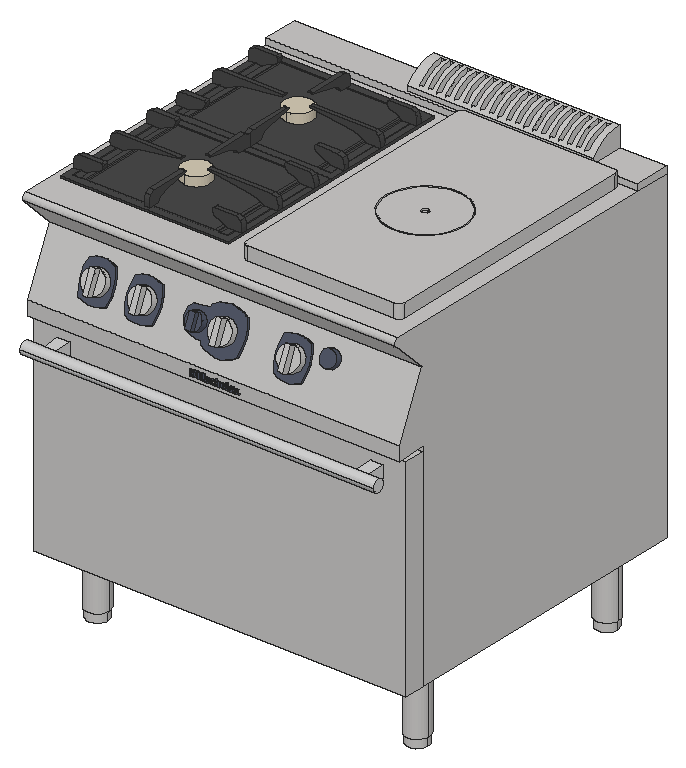
Revit family "QF_ELECTROLUXPROFESSIONAL_371009_E7STGH30G0", category Specialty Equipment, Revit 2018 (continued)
Automatic sketch dimensions
  Extrusion 28 sketch curve to Extrusion 28 sketch curve = 0.199 mm
  Extrusion 28 sketch curve to plane 7 "Center Y" = 0.042 mm
  Extrusion 28 sketch curve to Extrusion 28 sketch curve = 0.408 mm
  Extrusion 28 sketch curve to Extrusion 28 sketch curve = 0.743 mm
  Extrusion 28 sketch curve to Extrusion 28 sketch curve = 1.16 mm
  Extrusion 28 sketch curve to Extrusion 28 sketch curve = 0.329 mm
  Extrusion 28 sketch curve to Extrusion 28 sketch curve = 1.054 mm
  Extrusion 28 sketch curve to Extrusion 28 sketch curve = 1.056 mm
  Extrusion 28 sketch curve to Extrusion 28 sketch curve = 0.129 mm
  Extrusion 28 sketch curve to Extrusion 28 sketch curve = 0.489 mm
  Extrusion 28 sketch curve to plane 7 "Center Y" = 0.376 mm
  Extrusion 28 sketch curve to Extrusion 28 sketch curve = 0.441 mm
  Extrusion 28 sketch curve to Extrusion 28 sketch curve = 1.151 mm
  Extrusion 28 sketch curve to Extrusion 28 sketch curve = 1.141 mm  (x2)
  Extrusion 28 sketch curve to Extrusion 28 sketch curve = 0.768 mm
  Extrusion 28 sketch curve to Extrusion 28 sketch curve = 1.653 mm
  Extrusion 28 sketch curve to Extrusion 28 sketch curve = 0.499 mm
  Extrusion 28 sketch curve to Extrusion 28 sketch curve = 0.964 mm
  Extrusion 28 sketch curve to Extrusion 28 sketch curve = 0.949 mm
  Extrusion 28 sketch curve to Extrusion 28 sketch curve = 1.345 mm  (x3)
  Extrusion 28 sketch curve to Extrusion 28 sketch curve = 1.101 mm
  Extrusion 28 sketch curve to Extrusion 28 sketch curve = 0.432 mm
  Extrusion 28 sketch curve to Extrusion 28 sketch curve = 1.142 mm
  Extrusion 28 sketch curve to Extrusion 28 sketch curve = 0.959 mm
  Extrusion 28 sketch curve to Extrusion 28 sketch curve = 0.176 mm
  Extrusion 28 sketch curve to Extrusion 28 sketch curve = 0.728 mm
  Extrusion 28 sketch curve to Extrusion 28 sketch curve = 3.375 mm  (x2)
  Extrusion 28 sketch curve to Extrusion 28 sketch curve = 0.541 mm
  Extrusion 28 sketch curve to Extrusion 28 sketch curve = 0.955 mm
  Extrusion 28 sketch curve to Extrusion 28 sketch curve = 1.251 mm
  Extrusion 28 sketch curve to Extrusion 28 sketch curve = 0.572 mm
  plane 7 "Center Y" to Extrusion 28 sketch curve = 47.619 mm
  Extrusion 28 sketch curve to Extrusion 28 sketch curve = 1.92 mm
  Extrusion 28 sketch curve to Extrusion 28 sketch curve = 1.224 mm
  Extrusion 28 sketch curve to Extrusion 28 sketch curve = 0.745 mm
  Extrusion 28 sketch curve to Extrusion 28 sketch curve = 0.036 mm
  Extrusion 28 sketch curve to Extrusion 28 sketch curve = 0.896 mm  (x3)
  Extrusion 28 sketch curve to Extrusion 28 sketch curve = 2.607 mm
  Extrusion 28 sketch curve to Extrusion 28 sketch curve = 0.066 mm
  Extrusion 28 sketch curve to Extrusion 28 sketch curve = 0.248 mm
  Extrusion 28 sketch curve to Extrusion 28 sketch curve = 0.449 mm
  plane 7 "Center Y" to Extrusion 28 sketch curve = 46.838 mm
  Extrusion 28 sketch curve to Extrusion 28 sketch curve = 1.052 mm
  Extrusion 28 sketch curve to Extrusion 28 sketch curve = 1.863 mm
  Extrusion 28 sketch curve to Extrusion 28 sketch curve = 1.31 mm  (x2)
  Extrusion 28 sketch curve to Extrusion 28 sketch curve = 0.901 mm
  Extrusion 28 sketch curve to Extrusion 28 sketch curve = 1.107 mm
  Extrusion 28 sketch curve to Extrusion 28 sketch curve = 2.122 mm
  Extrusion 28 sketch curve to Extrusion 28 sketch curve = 2.101 mm
  Extrusion 28 sketch curve to Extrusion 28 sketch curve = 0.106 mm
  Extrusion 28 sketch curve to Extrusion 28 sketch curve = 0.029 mm
  plane 7 "Center Y" to Extrusion 28 sketch curve = 49.641 mm
  Extrusion 28 sketch curve to Extrusion 28 sketch curve = 2.09 mm
  Extrusion 28 sketch curve to Extrusion 28 sketch curve = 1.279 mm
  Extrusion 28 sketch curve to Extrusion 28 sketch curve = 2.008 mm
  Extrusion 28 sketch curve to Extrusion 28 sketch curve = 0.738 mm
  Extrusion 28 sketch curve to Extrusion 28 sketch curve = 0.382 mm
  Extrusion 28 sketch curve to Extrusion 28 sketch curve = 0.384 mm
  Extrusion 28 sketch curve to Extrusion 28 sketch curve = 0.002 mm
  Extrusion 28 sketch curve to Extrusion 28 sketch curve = 0.561 mm
  Extrusion 28 sketch curve to Extrusion 28 sketch curve = 0.592 mm
  Extrusion 28 sketch curve to Extrusion 28 sketch curve = 2.692 mm
  Extrusion 28 sketch curve to Extrusion 28 sketch curve = 1.259 mm
  plane 7 "Center Y" to Extrusion 28 sketch curve = 48.858 mm
  Extrusion 28 sketch curve to Extrusion 28 sketch curve = 0.802 mm
  Extrusion 28 sketch curve to Extrusion 28 sketch curve = 1.024 mm
  Extrusion 28 sketch curve to Extrusion 28 sketch curve = 0.682 mm
  Extrusion 28 sketch curve to Extrusion 28 sketch curve = 5.934 mm
  Extrusion 28 sketch curve to Extrusion 28 sketch curve = 2.186 mm
  Extrusion 28 sketch curve to Extrusion 28 sketch curve = 0.337 mm
  Extrusion 28 sketch curve to Extrusion 28 sketch curve = 0.021 mm
  Extrusion 28 sketch curve to Extrusion 28 sketch curve = 1.005 mm
  Extrusion 28 sketch curve to Extrusion 28 sketch curve = 0.552 mm
  Extrusion 28 sketch curve to Extrusion 28 sketch curve = 0.778 mm
  Extrusion 28 sketch curve to Extrusion 28 sketch curve = 0.063 mm
  Extrusion 28 sketch curve to Extrusion 28 sketch curve = 1.023 mm
  Extrusion 28 sketch curve to Extrusion 28 sketch curve = 3.804 mm
  Extrusion 28 sketch curve to Extrusion 28 sketch curve = 0.486 mm
  Extrusion 28 sketch curve to Extrusion 28 sketch curve = 0.266 mm
  Extrusion 28 sketch curve to plane 7 "Center Y" = 0.787 mm
  Extrusion 28 sketch curve to Extrusion 28 sketch curve = 1.547 mm
  Extrusion 28 sketch curve to Extrusion 28 sketch curve = 0.717 mm  (x2)
  Extrusion 28 sketch curve to Extrusion 28 sketch curve = 1.667 mm
  plane 7 "Center Y" to Extrusion 28 sketch curve = 44.532 mm
  Extrusion 28 sketch curve to Extrusion 28 sketch curve = 3.174 mm
  plane 7 "Center Y" to Extrusion 28 sketch curve = 0.368 mm
  Extrusion 28 sketch curve to Extrusion 28 sketch curve = 0.388 mm
  Extrusion 28 sketch curve to Extrusion 28 sketch curve = 1.342 mm
  plane 7 "Center Y" to Extrusion 28 sketch curve = 50.135 mm
  Extrusion 28 sketch curve to Extrusion 28 sketch curve = 1.521 mm
  plane 7 "Center Y" to Extrusion 28 sketch curve = 51.694 mm
  Extrusion 28 sketch curve to Extrusion 28 sketch curve = 0.124 mm
  Extrusion 28 sketch curve to Extrusion 28 sketch curve = 0.291 mm
  plane 7 "Center Y" to Extrusion 28 sketch curve = 7.285 mm
  Extrusion 28 sketch curve to Extrusion 28 sketch curve = 1.049 mm  (x2)
  plane 7 "Center Y" to Extrusion 28 sketch curve = 47.668 mm
  Extrusion 28 sketch curve to Extrusion 28 sketch curve = 1.7 mm
  Extrusion 28 sketch curve to Extrusion 28 sketch curve = 0.894 mm
  Extrusion 28 sketch curve to Extrusion 28 sketch curve = 0.989 mm
  Extrusion 28 sketch curve to Extrusion 28 sketch curve = 1.168 mm
  Extrusion 28 sketch curve to Extrusion 28 sketch curve = 1.594 mm
  Extrusion 28 sketch curve to Extrusion 28 sketch curve = 0.731 mm
  Extrusion 28 sketch curve to Extrusion 28 sketch curve = 1.566 mm
  Extrusion 28 sketch curve to Extrusion 28 sketch curve = 0.064 mm
  plane 7 "Center Y" to Extrusion 28 sketch curve = 7.842 mm
  Extrusion 28 sketch curve to Extrusion 28 sketch curve = 0.556 mm
  Extrusion 28 sketch curve to Extrusion 28 sketch curve = 0.48 mm
  Extrusion 28 sketch curve to Extrusion 28 sketch curve = 0.228 mm
  Extrusion 28 sketch curve to Extrusion 28 sketch curve = 1.018 mm
  plane 7 "Center Y" to Extrusion 28 sketch curve = 37.429 mm
  Extrusion 28 sketch curve to Extrusion 28 sketch curve = 0.787 mm
  Extrusion 28 sketch curve to Extrusion 28 sketch curve = 0.618 mm
  plane 7 "Center Y" to Extrusion 28 sketch curve = 42.486 mm
  Extrusion 28 sketch curve to Extrusion 28 sketch curve = 1.672 mm
  plane 7 "Center Y" to Extrusion 28 sketch curve = 53.436 mm
  Extrusion 28 sketch curve to Extrusion 28 sketch curve = 1.361 mm
  Extrusion 28 sketch curve to Extrusion 28 sketch curve = 0.822 mm
  Extrusion 28 sketch curve to Extrusion 28 sketch curve = 0.069 mm
  Extrusion 28 sketch curve to Extrusion 28 sketch curve = 1.88 mm
  plane 7 "Center Y" to Extrusion 28 sketch curve = 35.269 mm
  Extrusion 28 sketch curve to Extrusion 28 sketch curve = 0.42 mm
  Extrusion 28 sketch curve to Extrusion 28 sketch curve = 0.062 mm
  Extrusion 28 sketch curve to Extrusion 28 sketch curve = 1.355 mm
  Extrusion 28 sketch curve to Extrusion 28 sketch curve = 2.34 mm
  Extrusion 28 sketch curve to Extrusion 28 sketch curve = 0.493 mm
  Extrusion 28 sketch curve to Extrusion 28 sketch curve = 0.136 mm
  Extrusion 28 sketch curve to Extrusion 28 sketch curve = 0.128 mm
  Extrusion 28 sketch curve to Extrusion 28 sketch curve = 3.616 mm
  Extrusion 28 sketch curve to Extrusion 28 sketch curve = 4.207 mm
  Extrusion 28 sketch curve to Extrusion 28 sketch curve = 0.183 mm
  Extrusion 28 sketch curve to Extrusion 28 sketch curve = 0.895 mm
  Extrusion 28 sketch curve to Extrusion 28 sketch curve = 1.314 mm
  Extrusion 28 sketch curve to Extrusion 28 sketch curve = 3.231 mm
  Extrusion 28 sketch curve to plane 7 "Center Y" = 23.526 mm
  Extrusion 28 sketch curve to Extrusion 28 sketch curve = 1.299 mm
  Extrusion 28 sketch curve to Extrusion 28 sketch curve = 1.214 mm
  plane 7 "Center Y" to Extrusion 28 sketch curve = 26.369 mm
  Extrusion 28 sketch curve to Extrusion 28 sketch curve = 1.264 mm
  Extrusion 28 sketch curve to Extrusion 28 sketch curve = 0.109 mm
  Extrusion 28 sketch curve to Extrusion 28 sketch curve = 0.357 mm
  Extrusion 28 sketch curve to Extrusion 28 sketch curve = 0.565 mm
  Extrusion 28 sketch curve to Extrusion 28 sketch curve = 2.504 mm
  Extrusion 28 sketch curve to Extrusion 28 sketch curve = 2.459 mm
  Extrusion 28 sketch curve to Extrusion 28 sketch curve = 0.983 mm
  Extrusion 28 sketch curve to Extrusion 28 sketch curve = 0.422 mm  (x2)
  Extrusion 28 sketch curve to Extrusion 28 sketch curve = 1.268 mm
  Extrusion 28 sketch curve to Extrusion 28 sketch curve = 0.671 mm
  Extrusion 28 sketch curve to Extrusion 28 sketch curve = 1.634 mm
  Extrusion 28 sketch curve to Extrusion 28 sketch curve = 0.132 mm
  Extrusion 28 sketch curve to Extrusion 28 sketch curve = 0.586 mm
  Extrusion 28 sketch curve to Extrusion 28 sketch curve = 1.241 mm
  Extrusion 28 sketch curve to Extrusion 28 sketch curve = 1.689 mm
  Extrusion 28 sketch curve to Extrusion 28 sketch curve = 0.627 mm
  Extrusion 28 sketch curve to Extrusion 28 sketch curve = 0.419 mm
  Extrusion 28 sketch curve to Extrusion 28 sketch curve = 1.514 mm
  Extrusion 28 sketch curve to Extrusion 28 sketch curve = 1.019 mm
  Extrusion 28 sketch curve to Extrusion 28 sketch curve = 0.065 mm
  Extrusion 28 sketch curve to Extrusion 28 sketch curve = 1.215 mm
  Extrusion 28 sketch curve to Extrusion 28 sketch curve = 1.122 mm
  Extrusion 28 sketch curve to Extrusion 28 sketch curve = 1.153 mm
  Extrusion 28 sketch curve to Extrusion 28 sketch curve = 1.223 mm
  Extrusion 28 sketch curve to Extrusion 28 sketch curve = 0.934 mm
  Extrusion 28 sketch curve to Extrusion 28 sketch curve = 3.376 mm
  Extrusion 28 sketch curve to Extrusion 28 sketch curve = 0.222 mm
  Extrusion 28 sketch curve to Extrusion 28 sketch curve = 1.383 mm
  Extrusion 28 sketch curve to Extrusion 28 sketch curve = 1.556 mm
  Extrusion 28 sketch curve to Extrusion 28 sketch curve = 2.559 mm
  Extrusion 28 sketch curve to Extrusion 28 sketch curve = 2.51 mm
  Extrusion 28 sketch curve to Extrusion 28 sketch curve = 0.131 mm
  Extrusion 28 sketch curve to Extrusion 28 sketch curve = 1.134 mm
  Extrusion 28 sketch curve to Extrusion 28 sketch curve = 0.094 mm
  Extrusion 28 sketch curve to Extrusion 28 sketch curve = 1.584 mm
  Extrusion 28 sketch curve to Extrusion 28 sketch curve = 0.27 mm
  Extrusion 28 sketch curve to Extrusion 28 sketch curve = 0.916 mm
  Extrusion 28 sketch curve to Extrusion 28 sketch curve = 0.352 mm
  Extrusion 28 sketch curve to Extrusion 28 sketch curve = 0.458 mm
  Extrusion 28 sketch curve to Extrusion 28 sketch curve = 1.282 mm
  Extrusion 28 sketch curve to Extrusion 28 sketch curve = 1.363 mm
  Extrusion 28 sketch curve to Extrusion 28 sketch curve = 0.685 mm
  Extrusion 28 sketch curve to Extrusion 28 sketch curve = 0.905 mm
  Extrusion 28 sketch curve to Extrusion 28 sketch curve = 1.477 mm
  Extrusion 28 sketch curve to Extrusion 28 sketch curve = 0.472 mm
  Extrusion 28 sketch curve to Extrusion 28 sketch curve = 0.101 mm
  Extrusion 28 sketch curve to Extrusion 28 sketch curve = 0.54 mm
  Extrusion 28 sketch curve to Extrusion 28 sketch curve = 0.02 mm
  Extrusion 28 sketch curve to Extrusion 28 sketch curve = 0.829 mm
  Extrusion 28 sketch curve to Extrusion 28 sketch curve = 0.582 mm
  Extrusion 28 sketch curve to Extrusion 28 sketch curve = 0.166 mm
  Extrusion 28 sketch curve to Extrusion 28 sketch curve = 0.16 mm
  Extrusion 28 sketch curve to Extrusion 28 sketch curve = 1.118 mm
  Extrusion 28 sketch curve to Extrusion 28 sketch curve = 0.613 mm
  Extrusion 28 sketch curve to Extrusion 28 sketch curve = 0.781 mm
  Extrusion 28 sketch curve to Extrusion 28 sketch curve = 0.361 mm
  Extrusion 28 sketch curve to Extrusion 28 sketch curve = 0.897 mm
  Extrusion 28 sketch curve to Extrusion 28 sketch curve = 0.167 mm
  Extrusion 28 sketch curve to Extrusion 28 sketch curve = 0.292 mm
  Extrusion 28 sketch curve to Extrusion 28 sketch curve = 0.305 mm
  Extrusion 28 sketch curve to Extrusion 28 sketch curve = 1.557 mm
  Extrusion 28 sketch curve to Extrusion 28 sketch curve = 2.499 mm
  Extrusion 28 sketch curve to Extrusion 28 sketch curve = 3.062 mm
  Extrusion 28 sketch curve to Extrusion 28 sketch curve = 2.968 mm
  Extrusion 28 sketch curve to Extrusion 28 sketch curve = 5.044 mm
  Extrusion 28 sketch curve to Extrusion 28 sketch curve = 0.629 mm  (x2)
  Extrusion 28 sketch curve to Extrusion 28 sketch curve = 1.131 mm
  Extrusion 28 sketch curve to Extrusion 28 sketch curve = 0.137 mm
  Extrusion 28 sketch curve to Extrusion 28 sketch curve = 0.027 mm
  Extrusion 28 sketch curve to Extrusion 28 sketch curve = 2.046 mm
  Extrusion 28 sketch curve to Extrusion 28 sketch curve = 2.235 mm
  radius of Extrusion 9 sketch curve = 12.7 mm
  radius of Extrusion 14 sketch curve = 25.4 mm  (x4)
  radius of Extrusion 15 sketch curve to Extrusion 14 = 0 mm  (x2)
  radius of Extrusion 16 sketch curve = 17.78 mm
  radius of Extrusion 19 sketch curve = 18.37 mm
  radius of Extrusion 21 sketch curve = 6.35 mm
  radius of Extrusion 26 sketch curve = 82.55 mm
  radius of Extrusion 26 sketch curve = 7 mm
Nested families
  nested 1: "371009_BURNER" at (8.5, -5, 0), type "371009_BURNER"
    with Type Mark "", Status "", Specification by User "", Revision Code "", Item Number "", Installed By "", Identify Quantity as Lot yes, Furnished By "", Foodservice Equipment Identifier yes
  nested 2: "371009_BURNER" at (8.5, -739.127, 0), type "371009_BURNER"
    with Type Mark "", Status "", Specification by User "", Revision Code "", Item Number "", Installed By "", Identify Quantity as Lot yes, Furnished By "", Foodservice Equipment Identifier yes
Connectors
  piping at (747.613, -464, 141.185), diameter 12.8
    settings: on Extrusion 21, index 1, connector inside diameter 0.50394", connector length 0 mm, flow factor 0, pipe flow 0 GPM, pressure drop 0.00 psi, fitting loss kfactor 0, connector angle 0.00°, fixture units 0, engagement length 0 mm, angle of deflection 0.00°, flow configuration 1, flow direction 1, fitting loss method 0, system type 7, joint type 0, gender type 0, connector reference index -1, connector utility 0, adjustable connector no, is connector primary yes, connector description "Gas Inlet"
Definition of nested family "371009_BURNER"
  Parameters
    Weight in Pounds = 0
    URL Cutsheet = ""
    URL = "www.electrolux.com"
    Type Mark [instance] = ""
    Status [instance] = ""
    Specification by User [instance] = ""
    Specification by Manufacturer = ""
    Serial Number = ""
    Seismic Rating = ""
    SMACNA No = ""
    Revision Code [instance] = ""
    Omniclass Number and Title = ""
    NAFEM Spec ID Number = ""
    Model = "371009"
    Masterspec = ""
    Manufacturer = "ELECTROLUX"
    Item Number [instance] = ""
    Installed By [instance] = ""
    Identify Quantity as Lot [instance] = yes
    Furnished By [instance] = ""
    Foodservice Equipment Identifier [instance] = yes
    Description = ""
    CSI MasterFormat = ""
    CSI Master Format = ""
  Reference planes
    plane 1 "BACK": y = 0
    plane 2: z = 0
    plane 3 "LEFT": x = 0
    plane 4 "RIGHT": x = 800
    plane 5 "FRONT": y = -700
    plane 6 "TOP": z = 908.85
    plane 7 "Center Y": x = 400
    plane 8 "Center X": y = -350
    plane 9 "Base": z = 150
    plane 10: z = 850.85
  Forms (mm)
    Extrusion 1, solid
      sketch origin (0, -734.127, 5) x (1, 0, 0) y (0, 0, -1)
        loop
          arc (7.142, -850.85) -> (6.739, -862.989) -> (9.761, -874.752) r 42.809
          line (9.761, -874.752) -> (19.961, -879.425) -> (157.339, -879.425)
          arc (157.339, -879.425) -> (158.533, -878.312) -> (157.506, -877.043) r 1.197
          line (157.506, -877.043) -> (64.848, -864.021)
          arc (64.848, -864.021) -> (50.111, -858.738) -> (36.589, -850.85) r 85.245
          line (36.589, -850.85) -> (7.142, -850.85)
        loop
          line (367.858, -850.85) -> (338.411, -850.85)
          arc (338.411, -850.85) -> (324.889, -858.738) -> (310.152, -864.021) r 85.245
          line (310.152, -864.021) -> (217.494, -877.043)
          arc (217.494, -877.043) -> (216.467, -878.312) -> (217.661, -879.425) r 1.197
          line (217.661, -879.425) -> (355.039, -879.425) -> (365.239, -874.752)
          arc (365.239, -874.752) -> (368.261, -862.989) -> (367.858, -850.85) r 42.809
      from 224.564 to 234.564
    Extrusion 2, solid
      sketch origin (0, -734.127, 5) x (1, 0, 0) y (0, 0, -1)
        loop
          arc (7.056, -850.85) -> (6.705, -862.948) -> (9.748, -874.663) r 42.876
          line (9.748, -874.663) -> (19.961, -879.425) -> (65.851, -879.425)
          arc (65.851, -879.425) -> (68.577, -878.352) -> (69.841, -875.709) r 4
          arc (69.841, -875.709) -> (68.75, -869.25) -> (64.816, -864.012) r 13.87
          arc (64.816, -864.012) -> (50.096, -858.731) -> (36.589, -850.85) r 85.245
          line (36.589, -850.85) -> (7.056, -850.85)
        loop
          line (367.944, -850.85) -> (338.411, -850.85)
          arc (338.411, -850.85) -> (324.904, -858.731) -> (310.184, -864.012) r 85.245
          arc (310.184, -864.012) -> (306.25, -869.25) -> (305.159, -875.709) r 13.87
          arc (305.159, -875.709) -> (306.423, -878.352) -> (309.149, -879.425) r 4
          line (309.149, -879.425) -> (355.039, -879.425) -> (365.252, -874.663)
          arc (365.252, -874.663) -> (368.295, -862.948) -> (367.944, -850.85) r 42.876
      from 127.064 to 137.064
    Extrusion 3, solid
      sketch origin (0, -275, 5) x (1, 0, 0) y (0, 0, 1)
        loop
          arc (64.816, 864.012) -> (68.75, 869.25) -> (69.841, 875.709) r 13.87
          arc (69.841, 875.709) -> (68.577, 878.352) -> (65.851, 879.425) r 4
          line (65.851, 879.425) -> (19.961, 879.425) -> (9.748, 874.663)
          arc (9.748, 874.663) -> (6.705, 862.948) -> (7.056, 850.85) r 42.876
          line (7.056, 850.85) -> (36.589, 850.85)
          arc (36.589, 850.85) -> (50.096, 858.731) -> (64.816, 864.012) r 85.245
        loop
          arc (310.184, 864.012) -> (324.904, 858.731) -> (338.411, 850.85) r 85.245
          line (338.411, 850.85) -> (367.944, 850.85)
          arc (367.944, 850.85) -> (368.295, 862.948) -> (365.252, 874.663) r 42.876
          line (365.252, 874.663) -> (355.039, 879.425) -> (309.149, 879.425)
          arc (309.149, 879.425) -> (306.423, 878.352) -> (305.159, 875.709) r 4
          arc (305.159, 875.709) -> (306.25, 869.25) -> (310.184, 864.012) r 13.87
      from 127.064 to 137.064
    Extrusion 4, solid
      sketch origin (454.964, -29.48, 5) x (0, -1, 0) y (0, 0, 1)
        loop
          arc (366.649, 850.85) -> (375.927, 861.743) -> (389.337, 866.736) r 28.426
          line (389.337, 866.736) -> (441.256, 877.043)
          arc (441.256, 877.043) -> (442.283, 878.312) -> (441.089, 879.425) r 1.197
          line (441.089, 879.425) -> (347.797, 879.425)
          arc (347.797, 879.425) -> (343.211, 875.934) -> (337.583, 874.694) r 13.39
          line (337.583, 874.694) -> (337.583, 850.85) -> (366.649, 850.85)
        loop
          arc (606.236, 850.85) -> (606.587, 862.948) -> (603.543, 874.663) r 42.876
          line (603.543, 874.663) -> (593.33, 879.425) -> (509.077, 879.425)
          arc (509.077, 879.425) -> (507.883, 878.312) -> (508.911, 877.043) r 1.197
          line (508.911, 877.043) -> (560.83, 866.736)
          arc (560.83, 866.736) -> (574.239, 861.743) -> (583.518, 850.85) r 28.426
          line (583.518, 850.85) -> (606.236, 850.85)
      from 262.464 to 272.464
    Extrusion 5, solid
      sketch origin (0, 0, 850.85) x (0, -1, 0) y (1, 0, 0)
        loop
          line (642.216, 6.433) -> (642.216, 368.567) -> (367.857, 368.567) -> (367.857, 6.433) -> (642.216, 6.433)
        loop
          line (382.857, 21.433) -> (627.216, 21.433) -> (627.216, 353.567) -> (382.857, 353.567) -> (382.857, 21.433)
      from 0 to 5
    Extrusion 6, solid
      sketch origin (-12.5, 0, 855.85) x (0, -1, 0) y (1, 0, 0)
        loop
          circle (504.356, 200) r 30
      from -1.321 to 17.134
    Extrusion 7, solid
      sketch origin (0, -734.127, 0) x (1, 0, 0) y (0, 0, -1)
        loop
          line (21.433, -855.85) -> (36.589, -855.85)
          arc (36.589, -855.85) -> (40.561, -855.243) -> (44.305, -853.783) r 18.259
          arc (44.305, -853.783) -> (45.997, -853.366) -> (47.69, -853.783) r 3.649
          arc (47.69, -853.783) -> (49.901, -854.522) -> (52.232, -854.529) r 7.328
          line (52.232, -854.529) -> (322.768, -854.529)
          arc (322.768, -854.529) -> (325.099, -854.522) -> (327.31, -853.783) r 7.328
          arc (327.31, -853.783) -> (329.003, -853.366) -> (330.695, -853.783) r 3.649
          arc (330.695, -853.783) -> (334.439, -855.243) -> (338.411, -855.85) r 18.259
          line (338.411, -855.85) -> (353.567, -855.85) -> (353.567, -850.85) -> (21.433, -850.85) -> (21.433, -855.85)
      from 106.911 to 351.27
  Lines and regions (mm)
    symbolic lines
      curve 1: line (6.433, -642.216, 150) -> (368.567, -642.216, 150)
      curve 2: line (6.433, -367.857, 150) -> (6.433, -642.216, 150)
      curve 3: line (368.567, -367.857, 150) -> (192.5, -367.857, 150)
      curve 4: line (368.567, -642.216, 150) -> (368.567, -367.857, 150)
      curve 5: line (353.567, -382.857, 150) -> (192.5, -382.857, 150)
      curve 6: line (353.567, -627.216, 150) -> (353.567, -607.064, 150)
      curve 7: line (21.433, -627.216, 150) -> (182.5, -627.216, 150)
      curve 8: line (21.433, -382.857, 150) -> (21.433, -402.064, 150)
      curve 9: line (52.232, -627.216, 150) -> (52.232, -607.064, 150)
      curve 10: line (322.567, -382.857, 150) -> (322.567, -402.064, 150)
      curve 11: line (148.125, -499.564, 150) -> (148.125, -382.857, 150)
      curve 12: line (154.375, -382.857, 150) -> (154.375, -499.564, 150)
      curve 13: arc (148.297, -509.564, 150) -> (159.191, -533.254, 150) -> (182.5, -544.942, 150) r 39.375
      curve 14: arc (220.42, -509.564, 150) -> (211.39, -528.832, 150) -> (192.5, -538.631, 150) r 33.125
      curve 15: line (220.625, -382.857, 150) -> (220.625, -499.564, 150)
      curve 16: line (226.875, -499.564, 150) -> (226.875, -382.857, 150)
      curve 17: line (192.5, -636.339, 150) -> (192.5, -535.619, 150)
      curve 18: arc (182.657, -474.75, 150) -> (166.195, -483.236, 150) -> (157.853, -499.771, 150) r 30
      curve 19: arc (192.224, -533.982, 150) -> (208.621, -525.661, 150) -> (217.084, -509.337, 150) r 30
      curve 20: line (368.567, -597.064, 150) -> (305.159, -597.064, 150)
      curve 21: line (6.433, -607.064, 150) -> (69.841, -607.064, 150)
      curve 22: line (6.433, -509.564, 150) -> (156.429, -509.564, 150)
      curve 23: line (368.567, -499.564, 150) -> (218.571, -499.564, 150)
      curve 24: line (6.433, -412.064, 150) -> (69.841, -412.064, 150)
      curve 25: line (368.567, -402.064, 150) -> (305.159, -402.064, 150)
      curve 26: line (69.841, -597.064, 150) -> (6.433, -597.064, 150)
      curve 27: line (305.159, -607.064, 150) -> (368.567, -607.064, 150)
      curve 28: line (69.841, -402.064, 150) -> (6.433, -402.064, 150)
      curve 29: line (305.159, -412.064, 150) -> (368.567, -412.064, 150)
      curve 30: arc (69.841, -597.064, 150) -> (74.841, -602.064, 150) -> (69.841, -607.064, 150) r 5
      curve 31: arc (305.159, -607.064, 150) -> (300.159, -602.064, 150) -> (305.159, -597.064, 150) r 5
      curve 32: arc (69.841, -402.064, 150) -> (74.841, -407.064, 150) -> (69.841, -412.064, 150) r 5
      curve 33: arc (305.159, -412.064, 150) -> (300.159, -407.064, 150) -> (305.159, -402.064, 150) r 5
      curve 34: line (21.433, -412.064, 150) -> (21.433, -499.564, 150)
      curve 35: line (52.232, -402.064, 150) -> (52.232, -382.857, 150)
      curve 36: line (21.433, -509.564, 150) -> (21.433, -597.064, 150)
      curve 37: line (52.232, -499.564, 150) -> (52.232, -412.064, 150)
      curve 38: line (52.232, -597.064, 150) -> (52.232, -509.564, 150)
      curve 39: line (21.433, -607.064, 150) -> (21.433, -627.216, 150)
      curve 40: line (322.567, -607.064, 150) -> (322.567, -627.216, 150)
      curve 41: line (353.567, -597.064, 150) -> (353.567, -509.564, 150)
      curve 42: line (322.567, -509.564, 150) -> (322.567, -597.064, 150)
      curve 43: line (353.567, -499.564, 150) -> (353.567, -412.064, 150)
      curve 44: line (353.567, -402.064, 150) -> (353.567, -382.857, 150)
      curve 45: line (322.567, -412.064, 150) -> (322.567, -499.564, 150)
      curve 46: line (156.429, -499.564, 150) -> (6.433, -499.564, 150)
      curve 47: line (218.571, -509.564, 150) -> (368.567, -509.564, 150)
      curve 48: arc (218.571, -499.564, 150) -> (213.571, -504.564, 150) -> (218.571, -509.564, 150) r 5
      curve 49: arc (156.429, -499.564, 150) -> (161.429, -504.564, 150) -> (156.429, -509.564, 150) r 5
      curve 50: arc (157.916, -509.337, 150) -> (166.379, -525.661, 150) -> (182.776, -533.982, 150) r 30
      curve 51: arc (217.147, -499.771, 150) -> (208.805, -483.236, 150) -> (192.343, -474.75, 150) r 30
      curve 52: line (182.5, -535.619, 150) -> (182.5, -636.339, 150)
      curve 53: line (192.5, -473.508, 150) -> (192.5, -367.064, 150)
      curve 54: arc (192.5, -535.619, 150) -> (187.5, -530.619, 150) -> (182.5, -535.619, 150) r 5
      curve 55: arc (192.5, -473.508, 150) -> (187.5, -478.508, 150) -> (182.5, -473.508, 150) r 5
      curve 56: line (182.5, -367.857, 150) -> (6.433, -367.857, 150)
      curve 57: line (182.5, -382.857, 150) -> (21.433, -382.857, 150)
      curve 58: arc (192.5, -404.571, 150) -> (196.398, -417.071, 150) -> (192.5, -429.571, 150) r 21.993
      curve 59: arc (196.181, -420.148, 150) -> (199.482, -417.071, 150) -> (196.181, -413.995, 150) r 3.084
      curve 60: arc (182.5, -404.571, 150) -> (178.602, -417.071, 150) -> (182.5, -429.571, 150) r 21.993
      curve 61: arc (178.819, -420.148, 150) -> (175.518, -417.071, 150) -> (178.819, -413.995, 150) r 3.084
      curve 62: line (182.5, -367.064, 150) -> (182.5, -473.508, 150)
      curve 63: arc (182.5, -538.631, 150) -> (163.61, -528.832, 150) -> (154.58, -509.564, 150) r 33.125
      curve 64: arc (192.5, -544.942, 150) -> (215.809, -533.254, 150) -> (226.703, -509.564, 150) r 39.375
      curve 65: line (182.5, -636.339, 150) -> (192.5, -636.339, 150)
      curve 66: line (182.5, -377.277, 150) -> (192.5, -377.277, 150)
      curve 67: line (182.5, -367.064, 150) -> (192.5, -367.064, 150)
      curve 68: line (192.5, -627.216, 150) -> (353.567, -627.216, 150)
  Dimensions and locks
    equal spacing: plane 3 "LEFT", plane 7 "Center Y", plane 4 "RIGHT"
    plane 3 "LEFT" to plane 4 "RIGHT" = 800 mm
    equal spacing: plane 5 "FRONT", plane 8 "Center X", plane 1 "BACK"
    plane 5 "FRONT" to plane 1 "BACK" = 700 mm
    plane 6 "TOP" to level = 908.85 mm
    plane 9 "Base" to level = 150 mm
    plane 6 "TOP" to plane 10 = 58 mm  (x2)
    aligned and locked: level to plane 2
  Automatic sketch dimensions
    Extrusion 5 sketch curve to Extrusion 5 sketch curve = 15 mm  (x2)
    Extrusion 5 sketch curve to Extrusion 5 sketch curve = 332.134 mm
    plane 3 "LEFT" to Extrusion 2 sketch curve = 7.056 mm
    plane 3 "LEFT" to Extrusion 2 sketch curve = 9.748 mm
    Extrusion 2 sketch curve to Extrusion 2 sketch curve = 10.213 mm  (x2)
    plane 10 to Extrusion 2 sketch curve = 5 mm  (x2)
    Extrusion 2 sketch curve to Extrusion 2 sketch curve = 29.533 mm
    Extrusion 2 sketch curve to Extrusion 2 sketch curve = 12.72 mm  (x2)
    Extrusion 2 sketch curve to Extrusion 2 sketch curve = 6.697 mm
    Extrusion 2 sketch curve to Extrusion 2 sketch curve = 8.81 mm
    Extrusion 2 sketch curve to Extrusion 2 sketch curve = 9.845 mm  (x2)
    Extrusion 2 sketch curve to Extrusion 2 sketch curve = 3.99 mm  (x2)
    Extrusion 2 sketch curve to Extrusion 2 sketch curve = 0 mm  (x2)
    Extrusion 2 sketch curve to Extrusion 2 sketch curve = 36.813 mm
    Extrusion 2 sketch curve to plane 7 "Center Y" = 111.122 mm
    Extrusion 2 sketch curve to plane 6 "TOP" = 28.141 mm
    Extrusion 2 sketch curve to plane 7 "Center Y" = 94.841 mm
    Extrusion 2 sketch curve to Extrusion 2 sketch curve = 1.035 mm
    Extrusion 2 sketch curve to Extrusion 2 sketch curve = 15.507 mm
    Extrusion 2 sketch curve to Extrusion 2 sketch curve = 16.628 mm
    Extrusion 2 sketch curve to Extrusion 2 sketch curve = 2.692 mm
    Extrusion 2 sketch curve to plane 6 "TOP" = 24.425 mm
    Extrusion 2 sketch curve to Extrusion 2 sketch curve = 28.575 mm
    Extrusion 2 sketch curve to Extrusion 2 sketch curve = 3.716 mm
    Extrusion 2 sketch curve to Extrusion 2 sketch curve = 4.763 mm  (x2)
    plane 3 "LEFT" to Extrusion 1 sketch curve = 7.142 mm
    plane 3 "LEFT" to Extrusion 1 sketch curve = 9.761 mm
    Extrusion 1 sketch curve to Extrusion 1 sketch curve = 10.201 mm  (x2)
    plane 10 to Extrusion 1 sketch curve = 5 mm  (x2)
    Extrusion 1 sketch curve to Extrusion 1 sketch curve = 29.447 mm
    Extrusion 1 sketch curve to Extrusion 1 sketch curve = 12.704 mm  (x2)
    Extrusion 1 sketch curve to Extrusion 1 sketch curve = 15.555 mm  (x2)
    Extrusion 1 sketch curve to Extrusion 1 sketch curve = 36.829 mm
    Extrusion 1 sketch curve to plane 6 "TOP" = 24.425 mm  (x2)
    Extrusion 1 sketch curve to Extrusion 1 sketch curve = 92.491 mm
    Extrusion 1 sketch curve to plane 6 "TOP" = 26.807 mm  (x2)
    Extrusion 1 sketch curve to Extrusion 1 sketch curve = 0.167 mm  (x2)
    Extrusion 1 sketch curve to Extrusion 1 sketch curve = 59.988 mm
    Extrusion 1 sketch curve to plane 7 "Center Y" = 111.122 mm
    plane 10 to Extrusion 1 sketch curve = 18.171 mm
    Extrusion 1 sketch curve to Extrusion 1 sketch curve = 21.274 mm
    Extrusion 1 sketch curve to Extrusion 1 sketch curve = 16.628 mm
    Extrusion 1 sketch curve to Extrusion 1 sketch curve = 2.618 mm
    Extrusion 1 sketch curve to Extrusion 1 sketch curve = 4.673 mm  (x2)
    Extrusion 1 sketch curve to Extrusion 1 sketch curve = 5.694 mm
    plane 3 "LEFT" to Extrusion 3 sketch curve = 7.056 mm
    plane 3 "LEFT" to Extrusion 3 sketch curve = 9.748 mm
    Extrusion 3 sketch curve to Extrusion 3 sketch curve = 10.213 mm  (x2)
    plane 10 to Extrusion 3 sketch curve = 5 mm  (x2)
    Extrusion 3 sketch curve to Extrusion 3 sketch curve = 29.533 mm
    Extrusion 3 sketch curve to Extrusion 3 sketch curve = 12.72 mm  (x2)
    Extrusion 3 sketch curve to Extrusion 3 sketch curve = 6.697 mm
    Extrusion 3 sketch curve to Extrusion 3 sketch curve = 8.81 mm
    Extrusion 3 sketch curve to Extrusion 3 sketch curve = 9.845 mm  (x2)
    Extrusion 3 sketch curve to Extrusion 3 sketch curve = 3.99 mm  (x2)
    Extrusion 3 sketch curve to Extrusion 3 sketch curve = 0 mm  (x2)
    Extrusion 3 sketch curve to Extrusion 3 sketch curve = 36.813 mm
    Extrusion 3 sketch curve to plane 7 "Center Y" = 111.122 mm
    Extrusion 3 sketch curve to plane 6 "TOP" = 28.141 mm
    Extrusion 3 sketch curve to plane 7 "Center Y" = 94.841 mm
    Extrusion 3 sketch curve to Extrusion 3 sketch curve = 1.035 mm
    Extrusion 3 sketch curve to Extrusion 3 sketch curve = 15.507 mm
    Extrusion 3 sketch curve to Extrusion 3 sketch curve = 16.628 mm
    Extrusion 3 sketch curve to Extrusion 3 sketch curve = 2.692 mm
    Extrusion 3 sketch curve to plane 10 = 64.377 mm  (x2)
    plane 10 to Extrusion 3 sketch curve = 12.281 mm  (x2)
    Extrusion 3 sketch curve to Extrusion 3 sketch curve = 10.713 mm
    Extrusion 5 to Extrusion 6 sketch curve = 121.499 mm
    Extrusion 5 to Extrusion 6 sketch curve = 166.067 mm
    plane 3 "LEFT" to Extrusion 5 sketch curve = 21.433 mm
    Extrusion 5 sketch curve to plane 5 "FRONT" = 72.784 mm
    plane 3 "LEFT" to Extrusion 7 sketch curve = 21.433 mm
    Extrusion 7 sketch curve to Extrusion 7 sketch curve = 14.402 mm
    plane 10 to Extrusion 7 sketch curve = 5 mm
    plane 10 to Extrusion 7 sketch curve = 2.933 mm  (x4)
    Extrusion 7 sketch curve to Extrusion 7 sketch curve = 7.716 mm  (x2)
    Extrusion 7 sketch curve to Extrusion 7 sketch curve = 0 mm  (x2)
    Extrusion 7 sketch curve to Extrusion 7 sketch curve = 1.692 mm  (x2)
    Extrusion 7 sketch curve to Extrusion 7 sketch curve = 3.385 mm  (x2)
    Extrusion 7 sketch curve to plane 10 = 3.559 mm  (x2)
    Extrusion 7 sketch curve to Extrusion 7 sketch curve = 302.478 mm
    Extrusion 7 sketch curve to Extrusion 7 sketch curve = 15.253 mm
    Extrusion 7 sketch curve to Extrusion 7 sketch curve = 15.156 mm  (x2)
    Extrusion 7 sketch curve to Extrusion 7 sketch curve = 3.233 mm
    Extrusion 7 sketch curve to plane 10 = 0 mm
    Extrusion 7 sketch curve to plane 7 "Center Y" = 77.232 mm
    Extrusion 5 sketch curve to plane 8 "Center X" = 32.857 mm
    plane 3 "LEFT" to Extrusion 5 sketch curve = 6.433 mm
    plane 1 "BACK" to Extrusion 5 sketch curve = 367.857 mm
    plane 10 to Extrusion 4 sketch curve = 5 mm  (x2)
    Extrusion 4 sketch curve to Extrusion 4 sketch curve = 29.066 mm
    Extrusion 4 sketch curve to Extrusion 4 sketch curve = 22.688 mm
    Extrusion 4 sketch curve to plane 10 = 7.392 mm  (x2)
    Extrusion 4 sketch curve to Extrusion 4 sketch curve = 25.583 mm
    Extrusion 4 sketch curve to plane 6 "TOP" = 24.425 mm  (x2)
    Extrusion 4 sketch curve to Extrusion 4 sketch curve = 51.752 mm
    Extrusion 4 sketch curve to Extrusion 4 sketch curve = 0.167 mm  (x2)
    Extrusion 4 sketch curve to plane 6 "TOP" = 26.807 mm
    Extrusion 4 sketch curve to Extrusion 4 sketch curve = 67.655 mm
    Extrusion 4 sketch curve to Extrusion 4 sketch curve = 49.024 mm
    Extrusion 4 sketch curve to Extrusion 4 sketch curve = 2.895 mm
    Extrusion 4 sketch curve to Extrusion 4 sketch curve = 3.153 mm
    Extrusion 4 sketch curve to Extrusion 4 sketch curve = 19.535 mm
    Extrusion 4 sketch curve to Extrusion 4 sketch curve = 9.813 mm
    Extrusion 4 sketch curve to Extrusion 4 sketch curve = 10.213 mm
    Extrusion 4 sketch curve to Extrusion 4 sketch curve = 22.718 mm
    Extrusion 4 sketch curve to Extrusion 4 sketch curve = 8.605 mm
    Extrusion 4 sketch curve to Extrusion 4 sketch curve = 4.731 mm
    Extrusion 4 sketch curve to Extrusion 4 sketch curve = 2.382 mm
    Extrusion 4 sketch curve to Extrusion 4 sketch curve = 8.658 mm
    Extrusion 4 sketch curve to plane 8 "Center X" = 17.064 mm
    curve 13 to curve 14 = 0 mm  (x2)
    curve 13 to curve 63 = 0 mm  (x2)
    curve 13 to curve 64 = 0 mm  (x2)
    curve 18 to curve 19 = 0 mm  (x2)
    curve 18 to curve 50 = 0 mm  (x2)
    curve 18 to curve 51 = 0 mm  (x2)
    curve 25 to plane 7 "Center Y" = 31.433 mm
    curve 3 to curve 44 = 15 mm
    curve 43 to curve 44 = 0 mm
    curve 1 to curve 68 = 15 mm
    curve 41 to curve 43 = 0 mm
    curve 6 to curve 40 = 31 mm
    curve 41 to curve 42 = 31 mm
    curve 43 to curve 45 = 31 mm
    curve 10 to curve 45 = 0 mm
    curve 40 to curve 27 = 17.408 mm
    curve 45 to curve 29 = 17.408 mm
    curve 16 to curve 64 = 0.172 mm
    curve 16 to curve 15 = 6.25 mm
    curve 64 to curve 14 = 6.283 mm
    curve 15 to curve 23 = 2.054 mm
    curve 23 to curve 51 = 1.424 mm
    curve 47 to curve 19 = 1.487 mm
    curve 15 to curve 60 = 20.029 mm
    curve 60 to curve 59 = 4.198 mm
    curve 59 to curve 59 = 0.216 mm  (x2)
    curve 19 to curve 64 = 24.584 mm
    curve 55 to curve 51 = 0.157 mm
    curve 54 to curve 19 = 0.276 mm
    curve 19 to curve 64 = 4.724 mm
    curve 18 to curve 13 = 0 mm
    curve 54 to curve 54 = 5 mm
    curve 50 to curve 54 = 0.276 mm
    curve 18 to curve 55 = 0.157 mm
    curve 60 to curve 61 = 3.681 mm
    curve 61 to curve 61 = 0 mm
    curve 61 to curve 61 = 0.216 mm
    curve 61 to curve 58 = 4.198 mm
    curve 13 to curve 50 = 29.584 mm
    curve 50 to curve 18 = 0.064 mm
    curve 50 to curve 22 = 1.487 mm
    curve 22 to curve 63 = 1.849 mm
    curve 49 to curve 12 = 2.054 mm
    curve 63 to curve 13 = 6.283 mm
    curve 12 to curve 11 = 6.25 mm
    plane 3 "LEFT" to curve 30 = 69.841 mm
    plane 3 "LEFT" to curve 28 = 69.841 mm
    plane 3 "LEFT" to curve 38 = 52.232 mm
    curve 24 to curve 37 = 17.609 mm
    curve 9 to curve 38 = 0 mm
    curve 28 to curve 35 = 17.609 mm
    plane 3 "LEFT" to curve 39 = 21.433 mm
    plane 3 "LEFT" to curve 8 = 21.433 mm
    curve 34 to curve 8 = 0 mm
    curve 36 to curve 34 = 0 mm
    plane 3 "LEFT" to curve 21 = 6.433 mm
    curve 67 to curve 56 = 0.794 mm
    curve 67 to curve 3 = 0.794 mm
    curve 56 to curve 66 = 9.419 mm
    curve 10 to curve 33 = 19.206 mm
    curve 8 to curve 8 = 19.206 mm
    curve 57 to curve 60 = 21.714 mm
    curve 60 to curve 58 = 0 mm
    curve 28 to curve 32 = 5 mm
    curve 33 to curve 33 = 5 mm
    curve 58 to curve 59 = 9.423 mm
    curve 61 to curve 58 = 3.077 mm
    curve 60 to curve 62 = 43.937 mm
    curve 51 to curve 15 = 24.814 mm
    curve 23 to curve 51 = 0.207 mm
    curve 18 to curve 13 = 1.529 mm
    curve 38 to curve 38 = 87.5 mm
    curve 42 to curve 31 = 87.5 mm
    curve 26 to curve 30 = 5 mm
    curve 31 to curve 31 = 5 mm
    curve 9 to curve 9 = 20.152 mm
    curve 65 to plane 5 "FRONT" = 63.661 mm
    curve 6 to curve 4 = 15 mm
    curve 55 to curve 55 = 5 mm
    curve 53 to curve 18 = 5 mm
    curve 45 to curve 16 = 95.692 mm
    curve 2 to curve 57 = 15 mm
    curve 10 to plane 8 "Center X" = 32.857 mm
    curve 57 to plane 8 "Center X" = 32.857 mm
    curve 6 to curve 68 = 20.152 mm
    radius of Extrusion 6 sketch curve = 30 mm
